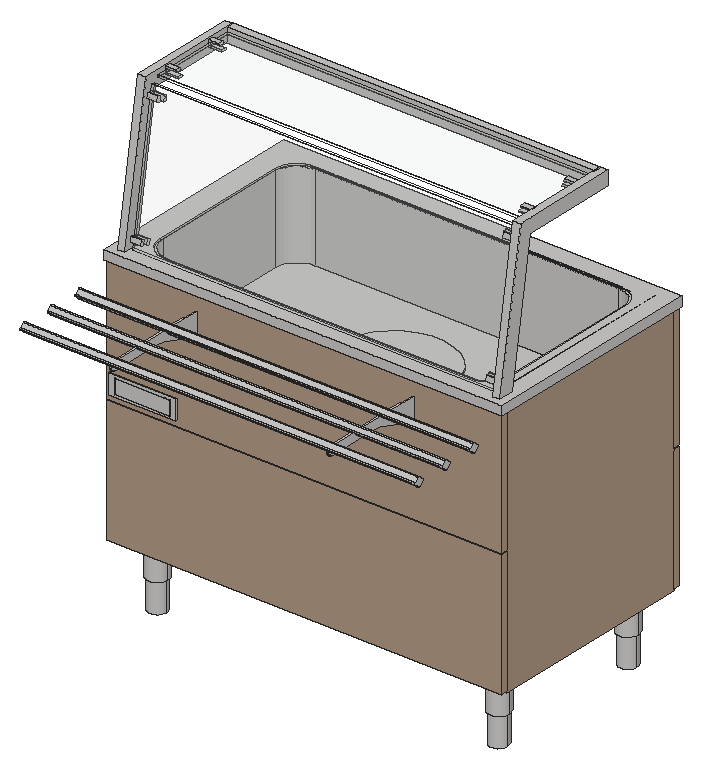
Revit family "QF_ELECTROLUXPROFESSIONAL_322082_F03H3AF01W", category Specialty Equipment, Revit 2018 (continued)
Automatic sketch dimensions
  Extrusion 21 sketch curve to plane 12 = 2.121 mm
  plane 17 to Extrusion 21 sketch curve = 5.5 mm
  plane 17 to Extrusion 21 sketch curve = 3.5 mm
  Extrusion 21 sketch curve to plane 17 = 2.062 mm
  plane 35 to Extrusion 22 sketch curve = 0 mm
  Extrusion 22 sketch curve to Extrusion 22 sketch curve = 1.095 mm
  Extrusion 22 sketch curve to plane 17 = 0.5 mm
  Extrusion 22 sketch curve to Extrusion 22 sketch curve = 3.905 mm
  plane 35 to Extrusion 22 sketch curve = 1 mm
  Extrusion 22 sketch curve to Extrusion 22 sketch curve = 10 mm
  Extrusion 22 sketch curve to Extrusion 22 sketch curve = 5 mm
  plane 32 to Extrusion 22 sketch curve = 0 mm
  plane 17 to Extrusion 22 sketch curve = 5.5 mm
  plane 17 to Extrusion 22 sketch curve = 3.5 mm
  Extrusion 22 sketch curve to plane 17 = 2.062 mm
  Extrusion 23 sketch curve to plane 34 = 0 mm
  Extrusion 23 sketch curve to Extrusion 23 sketch curve = 1.095 mm
  plane 16 to Extrusion 23 sketch curve = 0.5 mm
  Extrusion 23 sketch curve to Extrusion 23 sketch curve = 3.905 mm
  Extrusion 23 sketch curve to plane 34 = 1 mm
  Extrusion 23 sketch curve to Extrusion 23 sketch curve = 10 mm
  Extrusion 23 sketch curve to Extrusion 23 sketch curve = 5 mm
  plane 16 to Extrusion 23 sketch curve = 2.062 mm
  Extrusion 23 sketch curve to plane 16 = 3.5 mm
  Extrusion 23 sketch curve to Extrusion 23 sketch curve = 2 mm
  Extrusion 23 sketch curve to plane 33 = 0 mm
  plane 35 to Extrusion 24 sketch curve = 0 mm
  Extrusion 24 sketch curve to Extrusion 24 sketch curve = 1.095 mm
  Extrusion 24 sketch curve to plane 17 = 0.5 mm
  Extrusion 24 sketch curve to Extrusion 24 sketch curve = 3.905 mm
  plane 35 to Extrusion 24 sketch curve = 1 mm
  Extrusion 24 sketch curve to Extrusion 24 sketch curve = 10 mm
  Extrusion 24 sketch curve to Extrusion 24 sketch curve = 5 mm
  plane 32 to Extrusion 24 sketch curve = 0 mm
  plane 17 to Extrusion 24 sketch curve = 5.5 mm
  plane 17 to Extrusion 24 sketch curve = 3.5 mm
  Extrusion 24 sketch curve to plane 17 = 2.062 mm
  Extrusion 25 sketch curve to plane 34 = 0 mm
  Extrusion 25 sketch curve to Extrusion 25 sketch curve = 1.095 mm
  plane 16 to Extrusion 25 sketch curve = 0.5 mm
  Extrusion 25 sketch curve to Extrusion 25 sketch curve = 3.905 mm
  Extrusion 25 sketch curve to plane 34 = 1 mm
  Extrusion 25 sketch curve to Extrusion 25 sketch curve = 10 mm
  Extrusion 25 sketch curve to Extrusion 25 sketch curve = 5 mm
  plane 16 to Extrusion 25 sketch curve = 2.062 mm
  Extrusion 25 sketch curve to plane 16 = 3.5 mm
  Extrusion 25 sketch curve to Extrusion 25 sketch curve = 2 mm
  Extrusion 25 sketch curve to plane 33 = 0 mm
  plane 16 to Extrusion 26 sketch curve = 11 mm
  plane 36 to Extrusion 26 sketch curve = 5.5 mm
  curve 98 to curve 99 = 0 mm  (x2)
  curve 100 to curve 101 = 0 mm  (x2)
  curve 102 to curve 103 = 0 mm  (x2)
  curve 104 to curve 105 = 0 mm  (x2)
  curve 106 to curve 107 = 0 mm  (x2)
  curve 108 to curve 109 = 0 mm  (x2)
  curve 110 to curve 111 = 0 mm  (x2)
  curve 112 to curve 113 = 0 mm  (x2)
  curve 114 to curve 115 = 0 mm  (x2)
  curve 116 to curve 117 = 0 mm  (x2)
  curve 118 to curve 119 = 0 mm  (x2)
  curve 120 to curve 121 = 0 mm  (x2)
  curve 122 to curve 123 = 0 mm  (x2)
  curve 124 to curve 125 = 0 mm  (x2)
  curve 126 to curve 127 = 0 mm  (x2)
  curve 128 to curve 129 = 0 mm  (x2)
  curve 130 to curve 131 = 0 mm  (x2)
  curve 132 to curve 133 = 0 mm  (x2)
  curve 134 to curve 135 = 0 mm  (x2)
  curve 136 to curve 137 = 0 mm  (x2)
  curve 138 to curve 139 = 0 mm  (x2)
  curve 140 to curve 141 = 0 mm  (x2)
  curve 142 to curve 143 = 0 mm  (x2)
  curve 144 to curve 145 = 0 mm  (x2)
  curve 146 to curve 147 = 0 mm  (x2)
  curve 148 to curve 149 = 0 mm  (x2)
  curve 150 to curve 151 = 0 mm  (x2)
  curve 152 to curve 153 = 0 mm  (x2)
  curve 154 to curve 155 = 0 mm  (x2)
  curve 156 to curve 157 = 0 mm  (x2)
  curve 158 to curve 159 = 0 mm  (x2)
  curve 160 to curve 161 = 0 mm  (x2)
  curve 162 to curve 163 = 0 mm  (x2)
  curve 164 to curve 165 = 0 mm  (x2)
  curve 166 to curve 167 = 0 mm  (x2)
  curve 168 to curve 169 = 0 mm  (x2)
  curve 170 to curve 171 = 0 mm  (x2)
  curve 172 to curve 173 = 0 mm  (x2)
  curve 174 to curve 175 = 0 mm  (x2)
  curve 176 to curve 177 = 0 mm  (x2)
  curve 178 to curve 179 = 0 mm  (x2)
  curve 180 to curve 181 = 0 mm  (x2)
  curve 182 to curve 183 = 0 mm  (x2)
  curve 184 to curve 185 = 0 mm  (x2)
  curve 186 to curve 187 = 0 mm  (x2)
  curve 188 to curve 189 = 0 mm  (x2)
  curve 190 to curve 191 = 0 mm  (x2)
  curve 192 to curve 193 = 0 mm  (x2)
  curve 194 to curve 195 = 0 mm  (x2)
  curve 196 to curve 197 = 0 mm  (x2)
  curve 198 to curve 199 = 0 mm  (x2)
  curve 200 to curve 201 = 0 mm  (x2)
  curve 202 to curve 203 = 0 mm  (x2)
  curve 204 to curve 205 = 0 mm  (x2)
  curve 206 to curve 207 = 0 mm  (x2)
  curve 208 to curve 209 = 0 mm  (x2)
  curve 210 to curve 211 = 0 mm  (x2)
  curve 212 to curve 213 = 0 mm  (x2)
  curve 214 to curve 215 = 0 mm  (x2)
  curve 216 to curve 217 = 0 mm  (x2)
  curve 218 to curve 219 = 0 mm  (x2)
  curve 220 to curve 221 = 0 mm  (x2)
  curve 222 to curve 223 = 0 mm  (x2)
  curve 224 to curve 225 = 0 mm  (x2)
  curve 226 to curve 227 = 0 mm  (x2)
  curve 228 to curve 229 = 0 mm  (x2)
  curve 230 to curve 231 = 0 mm  (x2)
  curve 232 to curve 233 = 0 mm  (x2)
  curve 234 to curve 235 = 0 mm  (x2)
  plane 1 "Centro (Fronte/Retro)" to curve 139 = 0 mm
  plane 1 "Centro (Fronte/Retro)" to curve 136 = 0 mm
  plane 1 "Centro (Fronte/Retro)" to curve 135 = 0 mm
  plane 1 "Centro (Fronte/Retro)" to curve 98 = 0 mm
  curve 172 to plane 8 = 0 mm
  curve 100 to plane 8 = 0 mm
  curve 102 to plane 8 = 0 mm
  curve 99 to plane 8 = 0 mm
  curve 171 to plane 8 = 0 mm
  curve 104 to plane 8 = 0 mm
  curve 168 to plane 8 = 0 mm
  plane 1 "Centro (Fronte/Retro)" to curve 203 = 0 mm
  plane 1 "Centro (Fronte/Retro)" to curve 204 = 0 mm
  plane 1 "Centro (Fronte/Retro)" to curve 207 = 0 mm
  plane 8 to curve 145 = 7.654 mm
  plane 8 to curve 110 = 7.654 mm
  curve 142 to plane 39 = 1.555 mm
  plane 8 to curve 142 = 10.42 mm
  plane 38 to curve 109 = 1.555 mm
  plane 8 to curve 109 = 10.42 mm
  plane 36 to curve 141 = 3.821 mm
  plane 8 to curve 141 = 14.129 mm
  curve 106 to plane 37 = 3.821 mm
  plane 8 to curve 106 = 14.129 mm
  curve 113 to curve 110 = 6.488 mm
  curve 146 to curve 144 = 6.488 mm
  curve 132 to curve 112 = 4.335 mm
  curve 167 to curve 146 = 4.335 mm
  curve 134 to curve 166 = 1.522 mm
  plane 38 to curve 116 = 4.966 mm
  curve 116 to curve 108 = 9.668 mm
  curve 150 to plane 39 = 4.966 mm
  curve 150 to curve 142 = 9.668 mm
  curve 152 to plane 36 = 0.547 mm
  curve 152 to curve 140 = 13.754 mm
  plane 37 to curve 118 = 0.547 mm
  curve 118 to curve 106 = 13.754 mm
  curve 149 to curve 150 = 8.196 mm
  curve 114 to curve 116 = 8.196 mm
  curve 130 to curve 114 = 8.25 mm
  curve 165 to curve 148 = 8.25 mm
  curve 127 to plane 38 = 4.105 mm
  curve 127 to curve 118 = 10.401 mm
  plane 39 to curve 161 = 4.105 mm
  curve 161 to curve 152 = 10.401 mm
  curve 162 to curve 164 = 3.411 mm
  curve 128 to curve 130 = 3.411 mm
  curve 136 to curve 162 = 0.055 mm
  curve 159 to plane 39 = 3.706 mm
  curve 159 to curve 160 = 9.168 mm
  plane 38 to curve 125 = 3.706 mm
  curve 125 to curve 126 = 9.168 mm
  curve 157 to curve 158 = 7.5 mm
  curve 123 to curve 124 = 7.5 mm
  curve 120 to curve 122 = 4.368 mm
  curve 154 to curve 156 = 4.368 mm
  curve 139 to curve 154 = 0.679 mm
  curve 179 to plane 8 = 7.654 mm
  curve 213 to plane 8 = 7.654 mm
  curve 211 to plane 39 = 1.555 mm
  curve 211 to plane 8 = 10.42 mm
  plane 38 to curve 176 = 1.555 mm
  curve 176 to plane 8 = 10.42 mm
  curve 175 to plane 37 = 3.821 mm
  curve 175 to plane 8 = 14.129 mm
  plane 36 to curve 209 = 3.821 mm
  curve 209 to plane 8 = 14.129 mm
  curve 212 to curve 214 = 6.488 mm
  curve 178 to curve 180 = 6.488 mm
  curve 180 to curve 200 = 4.335 mm
  curve 214 to curve 234 = 4.335 mm
  curve 200 to curve 202 = 1.522 mm
  curve 219 to plane 39 = 4.966 mm
  curve 210 to curve 219 = 9.668 mm
  plane 38 to curve 184 = 4.966 mm
  curve 176 to curve 184 = 9.668 mm
  plane 37 to curve 187 = 0.547 mm
  curve 174 to curve 187 = 13.754 mm
  curve 221 to plane 36 = 0.547 mm
  curve 208 to curve 221 = 13.754 mm
  curve 218 to curve 217 = 8.196 mm
  curve 184 to curve 182 = 8.196 mm
  curve 216 to curve 233 = 8.25 mm
  curve 182 to curve 199 = 8.25 mm
  plane 39 to curve 229 = 4.105 mm
  curve 220 to curve 229 = 10.401 mm
  curve 195 to plane 38 = 4.105 mm
  curve 186 to curve 195 = 10.401 mm
  curve 232 to curve 231 = 3.411 mm
  curve 198 to curve 197 = 3.411 mm
  curve 196 to curve 205 = 0.055 mm
  curve 226 to plane 39 = 3.706 mm
  curve 228 to curve 226 = 9.168 mm
  plane 38 to curve 192 = 3.706 mm
  curve 194 to curve 192 = 9.168 mm
  curve 226 to curve 224 = 7.5 mm
  curve 192 to curve 191 = 7.5 mm
  curve 224 to curve 223 = 4.368 mm
  curve 190 to curve 188 = 4.368 mm
  curve 188 to curve 207 = 0.679 mm
  plane 36 to curve 173 = 4.5 mm
  curve 171 to plane 39 = 1.5 mm
  curve 218 to curve 216 = 8.25 mm
  curve 150 to curve 148 = 8.25 mm
  curve 158 to curve 157 = 9.91 mm
  curve 226 to curve 224 = 9.91 mm
  curve 149 to curve 165 = 8.196 mm
  curve 216 to curve 232 = 8.196 mm
  curve 168 to plane 1 "Centro (Fronte/Retro)" = 20 mm
  curve 169 to curve 213 = 1.522 mm
  curve 168 to curve 145 = 1.522 mm
  curve 212 to curve 214 = 4.335 mm
  curve 145 to curve 146 = 4.335 mm
  curve 224 to curve 223 = 13.754 mm
  curve 157 to curve 154 = 13.754 mm
  curve 165 to curve 163 = 9.668 mm
  curve 232 to curve 230 = 9.668 mm
  curve 146 to curve 166 = 6.488 mm
  curve 214 to curve 234 = 6.488 mm
  plane 1 "Centro (Fronte/Retro)" to curve 200 = 7.654 mm
  plane 1 "Centro (Fronte/Retro)" to curve 133 = 7.654 mm
  plane 1 "Centro (Fronte/Retro)" to curve 197 = 10.42 mm
  plane 1 "Centro (Fronte/Retro)" to curve 128 = 10.42 mm
  plane 1 "Centro (Fronte/Retro)" to curve 120 = 14.129 mm
  plane 1 "Centro (Fronte/Retro)" to curve 189 = 14.129 mm
  curve 132 to curve 113 = 6.488 mm
  curve 200 to curve 181 = 6.488 mm
  curve 180 to curve 178 = 4.335 mm
  curve 112 to curve 111 = 4.335 mm
  curve 178 to curve 100 = 1.522 mm
  curve 128 to curve 131 = 9.668 mm
  curve 196 to curve 198 = 9.668 mm
  curve 191 to curve 192 = 9.91 mm
  curve 122 to curve 124 = 9.91 mm
  curve 198 to curve 183 = 8.196 mm
  curve 130 to curve 114 = 8.196 mm
  plane 38 to curve 103 = 1.5 mm
  curve 105 to plane 37 = 4.5 mm
  plane 8 to curve 168 = 3 mm
  plane 8 to curve 100 = 3 mm
  plane 8 to curve 172 = 3 mm
  plane 8 to curve 99 = 3 mm
  plane 8 to curve 171 = 3 mm
  plane 8 to curve 102 = 3 mm
  plane 8 to curve 105 = 3 mm
  curve 111 to curve 101 = 1.654 mm
  curve 145 to curve 168 = 1.654 mm
  curve 142 to curve 142 = 3 mm
  curve 108 to curve 108 = 3 mm
  curve 106 to curve 107 = 3 mm
  curve 140 to curve 141 = 3 mm
  curve 112 to curve 113 = 3 mm
  curve 146 to curve 147 = 3 mm
  curve 132 to curve 132 = 3 mm
  curve 166 to curve 167 = 3 mm
  curve 134 to curve 135 = 3 mm
  curve 116 to curve 116 = 3 mm
  curve 150 to curve 151 = 3 mm
  curve 152 to curve 152 = 3 mm
  curve 118 to curve 119 = 3 mm
  curve 148 to curve 148 = 3 mm
  curve 114 to curve 115 = 3 mm
  curve 164 to curve 164 = 3 mm
  curve 130 to curve 131 = 3 mm
  curve 160 to curve 160 = 3 mm
  curve 126 to curve 127 = 3 mm
  curve 162 to curve 162 = 3 mm
  curve 128 to curve 129 = 3 mm
  curve 136 to curve 136 = 3 mm
  curve 124 to curve 125 = 3 mm
  curve 158 to curve 159 = 3 mm
  curve 156 to curve 156 = 3 mm
  curve 122 to curve 123 = 3 mm
  curve 120 to curve 121 = 3 mm
  curve 154 to curve 154 = 3 mm
  curve 138 to curve 138 = 3 mm
  curve 100 to curve 179 = 1.654 mm
  curve 169 to curve 213 = 1.654 mm
  curve 211 to curve 210 = 3 mm
  curve 176 to curve 176 = 3 mm
  curve 208 to curve 208 = 3 mm
  curve 174 to curve 174 = 3 mm
  curve 214 to curve 214 = 3 mm
  curve 181 to curve 180 = 3 mm
  curve 234 to curve 234 = 3 mm
  curve 201 to curve 200 = 3 mm
  curve 203 to curve 202 = 3 mm
  curve 219 to curve 218 = 3 mm
  curve 184 to curve 184 = 3 mm
  curve 186 to curve 186 = 3 mm
  curve 220 to curve 220 = 3 mm
  curve 183 to curve 182 = 3 mm
  curve 216 to curve 216 = 3 mm
  curve 198 to curve 198 = 3 mm
  curve 232 to curve 232 = 3 mm
  curve 228 to curve 228 = 3 mm
  curve 195 to curve 194 = 3 mm
  curve 231 to curve 230 = 3 mm
  curve 197 to curve 196 = 3 mm
  curve 204 to curve 204 = 3 mm
  curve 193 to curve 192 = 3 mm
  curve 227 to curve 226 = 3 mm
  curve 190 to curve 190 = 3 mm
  curve 225 to curve 224 = 3 mm
  curve 188 to curve 188 = 3 mm
  curve 223 to curve 222 = 3 mm
  curve 207 to curve 206 = 3 mm
  Extrusion 27 sketch curve to plane 16 = 11 mm
  plane 37 to Extrusion 27 sketch curve = 5.5 mm
  plane 21 to curve 248 = 4 mm
  plane 21 to curve 249 = 4 mm
  curve 249 to plane 9 = 11.101 mm
  plane 29 to curve 249 = 105.281 mm
  curve 248 to plane 3 "BACK" = 2 mm
  curve 248 to plane 28 = 26.966 mm
  curve 249 to curve 248 = 6.005 mm
  curve 250 to plane 9 = 28.421 mm
  curve 250 to curve 248 = 10 mm
  plane 23 to curve 250 = 22 mm
  curve 250 to curve 249 = 40 mm
  radius of Extrusion 26 sketch curve = 10 mm
  radius of Extrusion 27 sketch curve = 10 mm
Nested families
  nested 1: "Foot_Ø50_H150" at (-986.269, -148.263, 0), type "Foot_Ø50_H150"
  nested 2: "Foot_Ø50_H150" at (-42.269, -148.263, 0), type "Foot_Ø50_H150"
  nested 3: "Foot_Ø50_H150" at (-42.269, 297.737, 0), type "Foot_Ø50_H150"
  nested 4: "Foot_Ø50_H150" at (-986.269, 297.737, 0), type "Foot_Ø50_H150"
  nested 5: "Bain Marie Air Ventiled single well 1100" at (0, 0, 0), type "Bain Marie Air Ventiled single well 1100"
    with Show Clearance yes
  nested 6: "Controller_compact" at (-958.019, -231.263, 572.8) x (-1, 0, 0) z (0, -1, 0), type "Controller_compact"
  nested 7: "Sun" at (-144.269, -45.263, 0), type "Sun"
Connectors
  piping at (-997.269, 124.737, 166), diameter 20
    settings: on Extrusion 26, index 6, connector inside diameter 609.6 mm, connector length 0 mm, flow factor 0, pipe flow 0.0 L/s, pressure drop 0.0 Pa, fitting loss kfactor 0, connector angle 0.00°, fixture units 0, engagement length 0 mm, angle of deflection 0.00°, flow configuration 1, flow direction 2, fitting loss method 0, system type 16, joint type 0, gender type 0, connector reference index -1, connector utility 0, adjustable connector no, is connector primary yes, connector description ""
  electrical at (-997.269, 24.737, 166)
    settings: on Extrusion 27, index 8, voltage 0 V, apparent load 0 VA, apparent load phase1 0 VA, apparent load phase2 0 VA, apparent load phase3 0 VA, power factor 1, load classification "Other", number of poles 1, system type 31, power factor state 1, is connector primary yes, connector utility no, sub classification motor no, connector description ""
Definition of nested family "Foot_Ø50_H150"
  Reference planes
    plane 1 "Centro (Fronte/Retro)": y = 0
    plane 2: z = 0
    plane 3 "Centro (Sinistra/Destra)": x = 0
    plane 4: z = 178
  Forms (mm)
    Revolve 1, solid
      sketch origin (255.05, 0, 608.09) x (0, 0, 1) y (-1, 0, 0)
        loop
          line (-608.09, 255.05) -> (-608.09, 230.05) -> (-526.09, 230.05) -> (-526.09, 226.05) -> (-430.09, 226.05) -> (-430.09, 255.05) -> (-608.09, 255.05)
        axis (-608.09, 255.05) -> (-430.09, 255.05)
      angle from 0 to 360
  Dimensions and locks
    Revolve 1 sketch curve to Revolve 1 sketch curve = 96 mm
    aligned and locked: level to plane 2
    aligned and locked: plane 4 to Revolve 1 sketch curve
    aligned and locked: Revolve 1 sketch curve to level
    aligned and locked: plane 3 "Centro (Sinistra/Destra)" to Revolve 1 sketch curve
Definition of nested family "Bain Marie Air Ventiled single well 1100"
  Parameters (values of type "Bain Marie Air Ventiled single well 1100")
    Show Clearance [instance] = yes
  Reference planes
    plane 1 "Centro (Fronte/Retro)": y = 74.737
    plane 2: z = 0
    plane 3 "BACK": y = 384.737
    plane 4 "FRONT": y = -235.263
    plane 5 "RIGHT": x = 35.731
    plane 6 "LEFT": x = -1064.269
    plane 7: x = -514.269
    plane 8 "TOP": z = 900
    plane 9: y = 352.737
    plane 10: y = -203.263
    plane 11: x = -11.269
    plane 12: x = -1017.269
    plane 13: y = 329.737
    plane 14: y = -180.263
    plane 15: x = -994.269
    plane 16: x = -34.269
    plane 17: z = 898
    plane 18: z = 656.4
    plane 19: z = 659.4
    plane 20: z = 624.1
    plane 21: x = -346.269
    plane 22: y = 188.737
    plane 23: y = -39.263
    plane 24: x = -650.269
    plane 25 "1": y = 254.737
  Forms (mm)
    Extrusion 1, solid
      sketch origin (0, 0, 900) x (-1, 0, 0) y (0, -1, 0)
        loop
          line (11.269, -352.737) -> (1017.269, -352.737) -> (1017.269, 203.263) -> (11.269, 203.263) -> (11.269, -352.737)
      from -2 to -243.6
    Extrusion 2, void
      sketch origin (0, 0, 900) x (-1, 0, 0) y (0, -1, 0)
        loop
          line (994.269, -268.737) -> (994.269, 119.263)
          arc (994.269, 119.263) -> (976.402, 162.396) -> (933.269, 180.263) r 61
          line (933.269, 180.263) -> (95.269, 180.263)
          arc (95.269, 180.263) -> (52.135, 162.396) -> (34.269, 119.263) r 61
          line (34.269, 119.263) -> (34.269, -268.737)
          arc (34.269, -268.737) -> (52.135, -311.871) -> (95.269, -329.737) r 61
          line (95.269, -329.737) -> (933.269, -329.737)
          arc (933.269, -329.737) -> (976.402, -311.871) -> (994.269, -268.737) r 61
      from 0 to -240.6
    Extrusion 3, solid
      sketch origin (0, 0, 900) x (-1, 0, 0) y (0, -1, 0)
        loop
          line (650.269, -188.737) -> (650.269, 39.263) -> (346.269, 39.263) -> (346.269, -188.737) -> (650.269, -188.737)
      from -243.6 to -275.9
    Extrusion 4, solid
      sketch origin (0, 0, 900.023) x (-1, 0, 0) y (0, -1, 0)
        loop
          circle (513.769, -74.737) r 155
        loop
          circle (514.375, -74.737) r 3
        loop
          circle (534.375, -74.737) r 3
        loop
          circle (554.375, -74.737) r 3
        loop
          circle (574.375, -74.737) r 3
        loop
          circle (514.375, -54.737) r 3
        loop
          circle (514.375, -34.737) r 3
        loop
          circle (514.375, -14.737) r 3
        loop
          circle (528.517, -60.595) r 3
        loop
          circle (542.659, -46.453) r 3
        loop
          circle (552.659, -29.132) r 3
        loop
          circle (522.029, -56.259) r 3
        loop
          circle (532.852, -67.083) r 3
        loop
          circle (524.795, -34.792) r 3
        loop
          circle (528.504, -15.416) r 3
        loop
          circle (534.463, -38.203) r 3
        loop
          circle (542.258, -19.785) r 3
        loop
          circle (554.32, -64.317) r 3
        loop
          circle (573.696, -60.608) r 3
        loop
          circle (550.909, -54.649) r 3
        loop
          circle (569.327, -46.854) r 3
        loop
          circle (561.827, -36.943) r 3
        loop
          circle (528.517, -88.879) r 3
        loop
          circle (542.659, -103.021) r 3
        loop
          circle (552.659, -120.342) r 3
        loop
          circle (522.029, -93.215) r 3
        loop
          circle (532.852, -82.391) r 3
        loop
          circle (524.795, -114.682) r 3
        loop
          circle (528.504, -134.058) r 3
        loop
          circle (534.463, -111.271) r 3
        loop
          circle (542.258, -129.69) r 3
        loop
          circle (554.32, -85.157) r 3
        loop
          circle (573.696, -88.866) r 3
        loop
          circle (550.909, -94.825) r 3
        loop
          circle (569.327, -102.621) r 3
        loop
          circle (561.827, -112.531) r 3
        loop
          circle (514.375, -94.737) r 3
        loop
          circle (514.375, -114.737) r 3
        loop
          circle (514.375, -134.737) r 3
        loop
          circle (494.375, -74.737) r 3
        loop
          circle (474.375, -74.737) r 3
        loop
          circle (454.375, -74.737) r 3
        loop
          circle (500.233, -60.595) r 3
        loop
          circle (486.091, -46.453) r 3
        loop
          circle (476.091, -29.132) r 3
        loop
          circle (506.721, -56.259) r 3
        loop
          circle (495.897, -67.083) r 3
        loop
          circle (503.955, -34.792) r 3
        loop
          circle (500.246, -15.416) r 3
        loop
          circle (494.287, -38.203) r 3
        loop
          circle (486.491, -19.785) r 3
        loop
          circle (474.43, -64.317) r 3
        loop
          circle (455.054, -60.608) r 3
        loop
          circle (477.841, -54.649) r 3
        loop
          circle (459.422, -46.854) r 3
        loop
          circle (466.922, -36.943) r 3
        loop
          circle (500.233, -88.879) r 3
        loop
          circle (486.091, -103.021) r 3
        loop
          circle (476.091, -120.342) r 3
        loop
          circle (506.721, -93.215) r 3
        loop
          circle (495.897, -82.391) r 3
        loop
          circle (503.955, -114.682) r 3
        loop
          circle (500.246, -134.058) r 3
        loop
          circle (494.287, -111.271) r 3
        loop
          circle (486.491, -129.69) r 3
        loop
          circle (474.43, -85.157) r 3
        loop
          circle (455.054, -88.866) r 3
        loop
          circle (477.841, -94.825) r 3
        loop
          circle (459.422, -102.621) r 3
        loop
          circle (466.922, -112.531) r 3
      from -233.523 to -230.523
  Cuts and joins
    Extrusion 2 cuts Extrusion 1
  Dimensions and locks
    plane 6 "LEFT" to plane 5 "RIGHT" = 1100 mm
    equal spacing: plane 3 "BACK", plane 1 "Centro (Fronte/Retro)", plane 4 "FRONT"
    plane 3 "BACK" to plane 4 "FRONT" = 620 mm
    equal spacing: plane 6 "LEFT", plane 7, plane 5 "RIGHT"
    locked: plane 8 "TOP" to plane 2 at 900
    locked: plane 6 "LEFT" to plane 12 at 47
    locked: plane 11 to plane 5 "RIGHT" at 47
    locked: plane 3 "BACK" to plane 9 at 32
    locked: plane 10 to plane 4 "FRONT" at 32
    locked: plane 3 "BACK" to plane 13 at 55
    locked: plane 14 to plane 4 "FRONT" at 55
    locked: plane 6 "LEFT" to plane 15 at 70
    locked: plane 16 to plane 5 "RIGHT" at 70
    locked: plane 8 "TOP" to plane 17 at 2
    locked: plane 8 "TOP" to plane 18 at 243.6
    locked: plane 19 to plane 18 at 3
    locked: plane 8 "TOP" to plane 20 at 275.9
    plane 21 to plane 11 = 335 mm
    locked: plane 9 to plane 22 at 164
    locked: plane 23 to plane 10 at 164
    plane 12 to plane 24 = 367 mm
    plane 15 to plane 16 = 960 mm
    plane 13 to plane 14 = 510 mm
    aligned and locked: level to plane 2
    aligned and locked: Extrusion 1 sketch curve to plane 9
    aligned and locked: plane 11 to Extrusion 1 sketch curve
    aligned and locked: Extrusion 1 sketch curve to plane 10
    aligned and locked: Extrusion 1 sketch curve to plane 12
    aligned and locked: Extrusion 1 to plane 18
    aligned and locked: Extrusion 2 to plane 19
    aligned and locked: Extrusion 3 sketch curve to plane 22
    aligned and locked: plane 23 to Extrusion 3 sketch curve
    aligned and locked: Extrusion 3 sketch curve to plane 21
    aligned and locked: Extrusion 3 to plane 20
    aligned and locked: plane 18 to Extrusion 3
    aligned and locked: Extrusion 3 to plane 24
  Automatic sketch dimensions
    Extrusion 2 sketch curve to plane 13 = 61 mm
    Extrusion 2 sketch curve to plane 16 = 61 mm
    plane 14 to Extrusion 2 sketch curve = 61 mm
    plane 15 to Extrusion 2 sketch curve = 61 mm
    plane 15 to Extrusion 3 sketch curve = 344 mm
    plane 1 "Centro (Fronte/Retro)" to Extrusion 4 sketch curve = 0 mm  (x8)
    plane 7 to Extrusion 4 sketch curve = 59.894 mm
    Extrusion 4 sketch curve to Extrusion 4 sketch curve = 0.679 mm  (x5)
    Extrusion 4 sketch curve to Extrusion 4 sketch curve = 4.368 mm  (x8)
    Extrusion 4 sketch curve to Extrusion 4 sketch curve = 7.5 mm  (x4)
    Extrusion 4 sketch curve to Extrusion 4 sketch curve = 20 mm
    Extrusion 4 sketch curve to Extrusion 4 sketch curve = 0.055 mm  (x5)
    Extrusion 4 sketch curve to Extrusion 4 sketch curve = 9.168 mm  (x4)
    Extrusion 4 sketch curve to Extrusion 4 sketch curve = 3.411 mm  (x8)
    Extrusion 4 sketch curve to Extrusion 4 sketch curve = 8.25 mm  (x8)
    Extrusion 4 sketch curve to Extrusion 4 sketch curve = 10.401 mm  (x4)
    Extrusion 4 sketch curve to Extrusion 4 sketch curve = 8.196 mm  (x8)
    plane 7 to Extrusion 4 sketch curve = 19.894 mm
    Extrusion 4 sketch curve to Extrusion 4 sketch curve = 1.522 mm  (x5)
    Extrusion 4 sketch curve to Extrusion 4 sketch curve = 4.335 mm  (x8)
    plane 7 to Extrusion 4 sketch curve = 14.023 mm  (x2)
    Extrusion 4 sketch curve to Extrusion 4 sketch curve = 9.668 mm  (x8)
    plane 7 to Extrusion 4 sketch curve = 7.547 mm  (x2)
    plane 7 to Extrusion 4 sketch curve = 0.5 mm
    Extrusion 4 sketch curve to plane 7 = 0.106 mm  (x7)
    Extrusion 4 sketch curve to plane 7 = 7.76 mm  (x2)
    Extrusion 4 sketch curve to Extrusion 4 sketch curve = 10.42 mm  (x2)
    Extrusion 4 sketch curve to Extrusion 4 sketch curve = 14.129 mm  (x2)
    Extrusion 4 sketch curve to Extrusion 4 sketch curve = 6.488 mm  (x6)
    Extrusion 4 sketch curve to Extrusion 4 sketch curve = 13.754 mm  (x6)
    Extrusion 4 sketch curve to plane 1 "Centro (Fronte/Retro)" = 7.654 mm  (x2)
    Extrusion 4 sketch curve to plane 1 "Centro (Fronte/Retro)" = 10.42 mm  (x2)
    Extrusion 4 sketch curve to plane 1 "Centro (Fronte/Retro)" = 14.129 mm  (x2)
    Extrusion 4 sketch curve to Extrusion 4 sketch curve = 9.91 mm  (x4)
    Extrusion 4 sketch curve to Extrusion 4 sketch curve = 7.811 mm  (x4)
    Extrusion 4 sketch curve to Extrusion 4 sketch curve = 9.348 mm  (x4)
    plane 1 "Centro (Fronte/Retro)" to Extrusion 4 sketch curve = 7.654 mm  (x2)
    plane 1 "Centro (Fronte/Retro)" to Extrusion 4 sketch curve = 10.42 mm  (x2)
    plane 1 "Centro (Fronte/Retro)" to Extrusion 4 sketch curve = 14.129 mm  (x2)
    Extrusion 2 sketch curve to plane 16 = 0 mm
    plane 14 to Extrusion 2 sketch curve = 0 mm
    Extrusion 2 sketch curve to plane 13 = 0 mm
    Extrusion 2 sketch curve to plane 15 = 0 mm
    radius of Extrusion 4 sketch curve = 155 mm
    radius of Extrusion 4 sketch curve = 3 mm  (x69)
Definition of nested family "Controller_compact"
  Parameters
    Default Elevation = 1219.2 mm
  Reference planes
    plane 1 "Center (Front/Back)": y = 0
    plane 2: z = 0
    plane 3 "Center (Left/Right)": x = 0
    plane 4: x = -76
    plane 5: x = 76
    plane 6: y = -21
    plane 7: y = 21
    plane 8: x = -92.25
    plane 9: x = 92.25
    plane 10: y = -27.2
    plane 11: y = 27.2
  Forms (mm)
    Extrusion 1, solid
      sketch origin (0, 0, 0) x (1, 0, 0) y (0, 1, 0)
        loop
          line (-1219.2, 1219.2) -> (-1219.2, -1219.2) -> (1219.2, -1219.2) -> (1219.2, 1219.2) -> (-1219.2, 1219.2)
      from 0 to -304.8
    Extrusion 2, solid
      sketch origin (0, 0, 0) x (1, 0, 0) y (0, 1, 0)
        loop
          line (-76, 21) -> (-76, -21) -> (76, -21) -> (76, 21) -> (-76, 21)
      from 0 to 5
    Extrusion 3, solid
      sketch origin (0, 0, 0) x (1, 0, 0) y (0, 1, 0)
        loop
          line (-92.25, 27.2) -> (-92.25, -27.2) -> (92.25, -27.2) -> (92.25, 27.2) -> (-92.25, 27.2)
        loop
          line (-76, 21) -> (-76, -21) -> (76, -21) -> (76, 21) -> (-76, 21)
      from 0 to 5
  Lines and regions (mm)
    Split face 1
      outline origin (-14, 0, 5) x (1, 0, 0) y (0, 1, 0)
        loop
          line (-36, 10) -> (-36, -10) -> (-16, -10) -> (-16, 10) -> (-36, 10)
    Split face 2
      outline origin (26, 0, 5) x (1, 0, 0) y (0, 1, 0)
        loop
          line (-36, 10) -> (-36, -10) -> (-16, -10) -> (-16, 10) -> (-36, 10)
    Split face 3
      outline origin (98.5, 0, 5) x (1, 0, 0) y (0, 1, 0)
        loop
          line (-68.5, 10) -> (-68.5, -10) -> (-48.5, -10) -> (-48.5, 10) -> (-68.5, 10)
  Dimensions and locks
    equal spacing: plane 4, plane 3 "Center (Left/Right)", plane 5
    equal spacing: plane 7, plane 1 "Center (Front/Back)", plane 6
    plane 7 to plane 6 = 42 mm
    plane 4 to plane 5 = 152 mm
    equal spacing: plane 8, plane 3 "Center (Left/Right)", plane 9
    plane 8 to plane 9 = 184.5 mm
    equal spacing: plane 11, plane 1 "Center (Front/Back)", plane 10
    plane 11 to plane 10 = 54.4 mm
    aligned and locked: plane 2 to Extrusion 1
    aligned and locked: level to Extrusion 1
    aligned and locked: Extrusion 2 sketch curve to plane 7
    aligned and locked: plane 4 to Extrusion 2 sketch curve
    aligned and locked: plane 6 to Extrusion 2 sketch curve
    aligned and locked: Extrusion 2 sketch curve to plane 5
    aligned and locked: Extrusion 3 sketch curve to plane 11
    aligned and locked: plane 8 to Extrusion 3 sketch curve
    aligned and locked: plane 10 to Extrusion 3 sketch curve
    aligned and locked: Extrusion 3 sketch curve to plane 9
    aligned and locked: Extrusion 3 sketch curve to Extrusion 2  (x4)
    aligned and locked: Extrusion 3 to Extrusion 2
  Automatic sketch dimensions
    Extrusion 1 sketch curve to Extrusion 1 sketch curve = 2438.4 mm  (x2)
    Split face 1 sketch curve to Extrusion 2 = 11 mm  (x2)
    Split face 1 sketch curve to Extrusion 2 = 26 mm
    Split face 1 sketch curve to Split face 1 sketch curve = 20 mm
    Split face 2 sketch curve to Extrusion 2 = 11 mm  (x2)
    Split face 2 sketch curve to Extrusion 2 = 66 mm
    Split face 2 sketch curve to Split face 2 sketch curve = 20 mm
    Split face 3 sketch curve to Extrusion 2 = 11 mm  (x2)
    Split face 3 sketch curve to Extrusion 2 = 46 mm
    Split face 3 sketch curve to Split face 3 sketch curve = 20 mm
Definition of nested family "Sun"
  Reference planes
    plane 1 "Center (Front/Back)": y = 0
    plane 2: z = 0
    plane 3 "Center (Left/Right)": x = 0
  Lines and regions (mm)
    detail lines, in view "Ref. Level"
      curve 1: circle (0, 0, 0) r 35 normal (0, 0, 1)
      curve 2: line (-18, 31.177, 0) -> (-30, 51.962, 0)
      curve 3: line (0, 36, 0) -> (0, 60, 0)
      curve 4: line (18, 31.177, 0) -> (30, 51.962, 0)
      curve 5: line (31.177, 18, 0) -> (51.962, 30, 0)
      curve 6: line (36, 0, 0) -> (60, 0, 0)
      curve 7: line (31.177, -18, 0) -> (51.962, -30, 0)
      curve 8: line (18, -31.177, 0) -> (30, -51.962, 0)
      curve 9: line (0, -36, 0) -> (0, -60, 0)
      curve 10: line (-18, -31.177, 0) -> (-30, -51.962, 0)
      curve 11: line (-31.177, -18, 0) -> (-51.962, -30, 0)
      curve 12: line (-36, 0, 0) -> (-60, 0, 0)
      curve 13: line (-31.177, 18, 0) -> (-51.962, 30, 0)
Types (2, lengths in mm): name | URL | Manufacturer | Phase | Model | Description
  (no name) | 0 | 0 | 0 | 0 | 0
  Standard | "http://professional.electrolux.com" | "Electrolux Professional" | 1 | "F03H3AF01W" | "BAIN-MARIE, AIR VENTILATED, 3GN H=900MM OVERSHELF W/LED LIGHTS"
